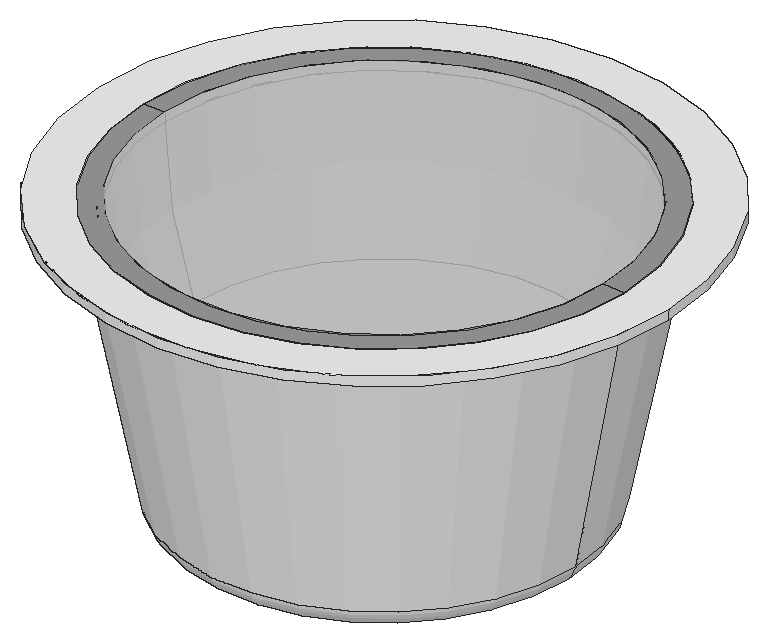
Revit family "2060552 Sylvania Lighting Fixture ASCENT 100 II ARCH 1900 3K DALI 160", category Lighting Fixtures, host Face, Revit 2016
Family settings
  Host = Face
  Part Type = Normal
  Round Connector Dimension = Use Diameter
  OmniClass Number = 23.80.70.11.17
  OmniClass Title = Specialized Lighting by Location or Use
  Cut with Voids When Loaded = No
  Light Source = Yes
  Shared = No
  Room Calculation Point = No
Parameters (values of type "2060552 ASCT100 II ARCH 1900 3K DALI 160")
  WidthBezelAcc_SYL = 25.0 mm
  Weight = "1.2 kg"
  Wattage = 17 W
  WarrantyStartDate [instance] = "n/a"
  WarrantyGuarantorParts = "n/a"
  WarrantyDurationUnit = "n/a"
  WarrantyDurationParts = "n/a"
  WarrantyDescription = "n/a"
  built-in parameter 1150110 = 1 (stored number, unit not read)
  Voltage = 0 V
  VisibilityAccessory_SYL = no
  TypeName = "ASCENT 100 II ARCH 1900 3K DALI 160"
  built-in parameter 1114217 = 1 (stored number, unit not read)
  Tilt Angle = -90°
  built-in parameter 1150109 = 1 (stored number, unit not read)
  built-in parameter 1150134 = (empty or 0)
  built-in parameter 1150113 = 1 (stored number, unit not read)
  SerialNumber [instance] = "n/a"
  ReflectorRadius_SYL = Radius_SYL - 14.5 mm  # 80.0 mm
  RadiusAcc_SYL = 105.0 mm
  Radius_SYL = 94.5 mm
  URL = "http://www.sylvania-lighting.com"
  PowerFactor = 0
  PowerConsumption = "17 W"
  Photometric Web File = "2060552.ies"
  NominalWidth = 0.0 mm
  NominalLength = 0.0 mm
  NominalHeight = 94.0 mm
  Name = "ASCENT 100 II ARCH 1900 3K DALI 160"
  ModelReference = "ASCENT 100 II ARCH 1900 3K DALI 160"
  ModelNumber = "2060552"
  Material_4_SYL = none
  Material_3_SYL = Polycarbonate_Sylvania_Ascent_Opal
  Material_2_SYL = Aluminium_Sylvania_Ascent_Silver
  Material_1_SYL = Aluminum_Sylvania_Ascent_White
  Material = "aluminium housing, arcylic diffuser"
  ManufacturerName = "Feilo Sylvania"
  LuminousEfficacy = "109 lm/W"
  built-in parameter 1150105 = 147.46 (stored number, unit not read)
  Lumens = 1853 lm
  LuminaireType = ""
  built-in parameter 1150115 = 1 (stored number, unit not read)
  LightOutputRatio = "100"
  built-in parameter 1150137 = (empty or 0)
  built-in parameter 1150139 = (empty or 0)
  LampsType = Lamp  # "LED"
  LampNominalLuminous = "1847 lm"
  LampMacAdamStep = "3"
  LampColourTemperature = "3000 K"
  LampColourRenderingIndex = "80"
  built-in parameter 1150112 = 1 (stored number, unit not read)
  built-in parameter 1150114 = 1 (stored number, unit not read)
  Keynote = "16500"
  InstallationDate [instance] = "n/a"
  InputVoltage = "n/a"
  InputNominalFrequency = "n/a"
  built-in parameter 1150132 = (empty or 0)
  built-in parameter 1150102 = (empty or 0)
  built-in parameter 1150107 = 3000 (stored number, unit not read)
  built-in parameter 1150138 = (empty or 0)
  IngressProtection = "IP40"
  ImpactProtectionIndex = "IK02"
  built-in parameter 1150106 = 1.4746 (stored number, unit not read)
  IfcExportType = "IfcLightFixtureType"
  IfcExportAs = "IfcLightFixtureType"
  Height_SYL = 94.0 mm
  HeightAcc_SYL = 7.0 mm
  ExpectedLife = 50000
  EmittionSurface_SYL = if(VisibilityAccessory_SYL, 7.0 mm, 3.0 mm)  # 3.0 mm
  Emit from Circle Diameter = DiffuserRadius_SYL * 2  # 146.0 mm
  Emit Shape Visible in Rendering = no
  ElectricShockClassification = "Class II"
  built-in parameter 1150104 = 10.126 (stored number, unit not read)
  DurationUnit = "hours"
  DocumentationLiterature = "http://www.sylvania-lighting.com/product/en-int/products/2060552"
  DimmingControlOptions = "n/a"
  Dimming Lamp Color Temperature Shift = <None>
  DiffuserRadius_SYL = ReflectorRadius_SYL - 7.0 mm  # 73.0 mm
  Diameter_SYL = 2 * Radius_SYL  # 189.0 mm
  CutoutDiameter_SYL = Diameter_SYL - 13.0 mm  # 176.0 mm
  CreatedOn = "9/17/2018"
  CreatedBy = "@sylvania-lighting.com"
  Color Filter = 16777215
  built-in parameter 1114216 [instance] = 1 (stored number, unit not read)
  Model = "ASCENT 100 II ARCH 1900 3K DALI 160"
  Manufacturer = "Feilo Sylvania"
  Lamp = "LED"
  Description = "Direct LED retro fit for original LED 100 Arch (160) single CFL lamp offering Matching lumen levels and improved light distribution of original LED 100 CFL lamp equivalents Typically half the power consumption compared to CFL Up to 112lm/W 160mm aperture Architectural reflector accepts range of glass accessories from existing LED 100 Arch 160 offering HE, HO and VHO versions equivalent of single 1 x 18W, 1 x 32W, 1 x 42W\r\n Additional VVHO versions which offer the performance circa 2 x 32W equivalent"  # constant formula
  Default Elevation = 0.0 mm
  built-in parameter 1140040 [instance] = 1
  BarCode [instance] = "n/a"
  built-in parameter 1114218 = 1 (stored number, unit not read)
  built-in parameter 1150133 = 10 (stored number, unit not read)
  AssetType = "Fixed"
  AssetIdentifier [instance] = "n/a"
  Assembly Code = "D5020200"
  Apparent Load = 17 VA
  Aperture_SYL = 2 * ReflectorRadius_SYL  # 160.0 mm
Reference planes
  plane 1 "Center (Front/Back)": y = 0
  plane 2: z = 0
  plane 3 "Center (Left/Right)": x = 0
  plane 4 "Fixture Bottom": z = 3
  plane 5: z = -52.5
  plane 6 "Fixture Top": z = -91
  plane 7: x = -105
  plane 8: z = 7
  plane 9: x = -80
  plane 10: z = 5
  plane 11: x = -103
Forms (mm)
  Extrusion 1, solid, material "Aluminum_Sylvania_Ascent_White", detail levels fine
    sketch origin (0, 0, 0) x (1, 0, 0) y (0, 1, 0)
      loop
        circle (0, 0) r 94.5
      loop
        circle (0, 0) r 80
    from 0 to 3
  Extrusion 2, void
    sketch origin (0, 0, 0) x (1, 0, 0) y (0, 1, 0)
      loop
        circle (0, 0) r 88
    from -91 to 3
  Revolve 3, solid, material "Aluminum_Sylvania_Ascent_White" <- "Material_1_SYL", detail levels fine
    sketch origin (0, 0, 0) x (1, 0, 0) y (0, 0, 1)
      loop
        line (0, -91.073) -> (0, -89.023) -> (-55.468, -89.014)
        arc (-55.468, -89.014) -> (-59.352, -87.613) -> (-61.54, -84.139) r 6.307
        line (-61.54, -84.139) -> (-77.991, -2.844) -> (-77.991, 0) -> (-80, 0) -> (-80, -3) -> (-63.5, -84.536)
        arc (-63.5, -84.536) -> (-60.643, -89.203) -> (-55.5, -91.073) r 8.291
        line (-55.5, -91.073) -> (0, -91.073)
      axis (0, 0) -> (0, -91.073)
    angle from 0 to 360
  Revolve 4, solid, material "Aluminium_Sylvania_Ascent_Silver" <- "Material_2_SYL", detail levels fine
    sketch origin (0, 0, 0) x (1, 0, 0) y (0, 0, 1)
      loop
        line (-80, 3) -> (-80, 0) -> (-75, 0)
        arc (-75, 0) -> (-72.349, -26.77) -> (-64.5, -52.5) r 136.5
        line (-64.5, -52.5) -> (-58, -52.5)
        arc (-58, -52.5) -> (-56.857, -61.521) -> (-53.5, -69.971) r 36.166
        line (-53.5, -69.971) -> (0, -69.971) -> (0, -50.5) -> (-63.16, -50.5)
        arc (-63.16, -50.5) -> (-70.517, -25.725) -> (-73, 0) r 134.5
        line (-73, 0) -> (-73, 3) -> (-80, 3)
      axis (0, 3) -> (0, -69.971)
    angle from 0 to 360
  Extrusion 5, solid, material "Polycarbonate_Sylvania_Ascent_Opal" <- "Material_3_SYL", detail levels fine
    sketch origin (0, 0, 0) x (1, 0, 0) y (0, 1, 0)
      loop
        circle (0, 0) r 73
    from 0 to 3
  Revolve 6, solid, material "Aluminum_Sylvania_Ascent_White" <- "Material_1_SYL", detail levels coarse+medium
    sketch origin (0, 0, 0) x (1, 0, 0) y (0, 0, 1)
      loop
        line (0, -91.073) -> (0, 3) -> (-94.5, 3) -> (-94.5, 0) -> (-79.5, 0) -> (-79.5, -3) -> (-63, -84.536)
        arc (-63, -84.536) -> (-60.143, -89.203) -> (-55, -91.073) r 8.291
        line (-55, -91.073) -> (0, -91.073)
      axis (0, 3) -> (0, -91.073)
    angle from 0 to 360
  Revolve 7, solid, material "Aluminum_Sylvania_Ascent_White" <- "Material_1_SYL", visible <- "VisibilityAccessory_SYL"
    sketch origin (0, 0, 0) x (1, 0, 0) y (0, 0, 1)
      loop
        line (-105, 0) -> (-103, 0) -> (-103, 5) -> (-80, 5) -> (-80, 7) -> (-105, 7) -> (-105, 0)
      axis (0, 7) -> (0, 0)
    angle from 0 to 360
  Revolve 8, solid, material "Polycarbonate_Sylvania_Ascent_Opal" <- "Material_3_SYL", visible <- "VisibilityAccessory_SYL"
    sketch origin (0, 0, 0) x (1, 0, 0) y (0, 0, 1)
      loop
        line (-80, 7) -> (-80, 5) -> (0, 5) -> (0, 7) -> (-80, 7)
      axis (0, 7) -> (0, 5)
    angle from 0 to 360
Lines and regions (mm)
  reference lines
    curve 1: line (-150, 0, 3) -> (125, 0, 3)
Dimensions and locks
  locked: plane 4 "Fixture Bottom" to plane 2 at 3
  "Height_SYL": plane 4 "Fixture Bottom" to plane 6 "Fixture Top"
  "ReflectorRadius_SYL": plane 3 "Center (Left/Right)" to Revolve 4 sketch curve
  locked: Revolve 4 sketch curve to Revolve 4 sketch curve at 15.5
  locked: Revolve 4 sketch curve to Revolve 4 sketch curve at 5
  locked: Revolve 4 sketch curve to Revolve 4 sketch curve at 7
  locked: Revolve 4 sketch curve to Revolve 4 sketch curve at 22
  locked: Revolve 4 sketch curve to Revolve 4 sketch curve at 26.5
  locked: Revolve 3 sketch curve to Revolve 3 sketch curve at 16.5
  locked: Revolve 3 sketch curve to Revolve 3 sketch curve at 24.5
  "ReflectorRadius_SYL": Revolve 3 sketch curve to plane 3 "Center (Left/Right)"
  locked: Revolve 3 sketch curve to plane 6 "Fixture Top" at 6.464
  locked: plane 2 to Revolve 3 sketch curve at 3
  locked: Revolve 3 sketch curve to Revolve 3 sketch curve at 2
  locked: Revolve 3 sketch curve to Revolve 3 sketch curve at 2.009
  locked: plane 2 to plane 5 at 52.5
  locked: Revolve 6 sketch curve to Revolve 6 sketch curve at 31.5
  locked: Revolve 6 sketch curve to Revolve 6 sketch curve at 39.5
  locked: Revolve 6 sketch curve to Revolve 6 sketch curve at 15
  "Radius_SYL": plane 3 "Center (Left/Right)" to Revolve 6 sketch curve
  "RadiusAcc_SYL": plane 3 "Center (Left/Right)" to plane 7
  "HeightAcc_SYL": plane 8 to level
  "WidthBezelAcc_SYL": plane 7 to plane 9
  locked: plane 7 to plane 11 at 2
  locked: plane 8 to plane 10 at 2
  "EmittionSurface_SYL": curve 1 to level
  "CutoutDiameter_SYL": diameter of Extrusion 2 sketch curve
  "ReflectorRadius_SYL": radius of Extrusion 1 sketch curve
  "DiffuserRadius_SYL": radius of Extrusion 5 sketch curve
  "Radius_SYL": radius of Extrusion 1 sketch curve
  aligned and locked: host face to plane 2
  aligned and locked: host face to level
  aligned and locked: plane 4 "Fixture Bottom" to Extrusion 1
  aligned and locked: Extrusion 1 to plane 2
  aligned and locked: Revolve 3 sketch curve to plane 3 "Center (Left/Right)"
  aligned and locked: Revolve 4 sketch curve to plane 3 "Center (Left/Right)"  (x2)
  aligned and locked: plane 4 "Fixture Bottom" to Revolve 4 sketch curve
  aligned and locked: Extrusion 5 to plane 2
  aligned and locked: plane 2 to Revolve 3 sketch curve  (x2)
  aligned and locked: Revolve 6 sketch curve to plane 3 "Center (Left/Right)"
  aligned and locked: plane 6 "Fixture Top" to Extrusion 2
  aligned and locked: Revolve 7 sketch curve to plane 3 "Center (Left/Right)"
  aligned and locked: host face to Revolve 7 sketch curve  (x2)
  aligned and locked: Revolve 7 sketch curve to plane 7
  aligned and locked: plane 8 to Revolve 7 sketch curve
  aligned and locked: plane 9 to Revolve 7 sketch curve
  aligned and locked: Revolve 7 sketch curve to plane 10
  aligned and locked: plane 11 to Revolve 7 sketch curve
  aligned and locked: Revolve 7 to Revolve 8 sketch curve
  aligned and locked: Revolve 8 sketch curve to Revolve 7  (x2)
  aligned and locked: Revolve 8 sketch curve to plane 3 "Center (Left/Right)"  (x2)
  aligned and locked: plane 3 "Center (Left/Right)" to imposter light
  aligned and locked: imposter light to plane 1 "Center (Front/Back)"
  aligned and locked: imposter light to curve 1
Automatic sketch dimensions
  plane 1 "Center (Front/Back)" to Extrusion 2 sketch curve = 0.0 mm
  Extrusion 2 sketch curve to plane 3 "Center (Left/Right)" = 0.0 mm
  Extrusion 1 sketch curve to Extrusion 1 sketch curve = 0.0 mm  (x2)
  plane 1 "Center (Front/Back)" to Extrusion 1 sketch curve = 0.0 mm
  Extrusion 1 sketch curve to plane 3 "Center (Left/Right)" = 0.0 mm
  plane 6 "Fixture Top" to Revolve 3 sketch curve = 0.073 mm
  Revolve 3 sketch curve to plane 6 "Fixture Top" = 6.861 mm
  Revolve 3 sketch curve to Revolve 3 sketch curve = 0.003 mm
  Revolve 3 sketch curve to Revolve 3 sketch curve = 0.009 mm  (x2)
  Revolve 3 sketch curve to Revolve 3 sketch curve = 0.023 mm
  Revolve 3 sketch curve to Revolve 3 sketch curve = 0.072 mm
  Revolve 3 sketch curve to Revolve 3 sketch curve = 0.008 mm
  Revolve 3 sketch curve to plane 6 "Fixture Top" = 1.977 mm
  Revolve 3 sketch curve to Revolve 3 sketch curve = 33.496 mm
  Revolve 3 sketch curve to Revolve 3 sketch curve = 0.028 mm
  plane 4 "Fixture Bottom" to Revolve 3 sketch curve = 82.431 mm
  Revolve 4 sketch curve to Revolve 4 sketch curve = 0.0 mm  (x2)
  Revolve 4 sketch curve to plane 5 = 0.0 mm
  Revolve 4 sketch curve to level = 0.0 mm
  plane 5 to Revolve 4 sketch curve = 2.0 mm
  plane 4 "Fixture Bottom" to Revolve 4 sketch curve = 9.642 mm
  plane 1 "Center (Front/Back)" to Extrusion 5 sketch curve = 0.0 mm
  Extrusion 5 sketch curve to plane 3 "Center (Left/Right)" = 0.0 mm
  Revolve 4 sketch curve to level = 69.971 mm
  Revolve 4 sketch curve to Revolve 4 sketch curve = 2.387 mm
  Revolve 6 sketch curve to level = 0.0 mm
  Revolve 6 sketch curve to plane 3 "Center (Left/Right)" = 0.0 mm
  Revolve 6 sketch curve to Revolve 6 sketch curve = 8.104 mm
  Revolve 6 sketch curve to level = 3.0 mm
  Revolve 6 sketch curve to plane 6 "Fixture Top" = 6.464 mm
  plane 6 "Fixture Top" to Revolve 6 sketch curve = 0.073 mm
  Revolve 6 sketch curve to Revolve 6 sketch curve = 33.496 mm
  plane 4 "Fixture Bottom" to Revolve 6 sketch curve = 82.431 mm
  host sketch curve to host sketch curve = 1704.996 mm
  host sketch curve to host sketch curve = 1500.0 mm
  plane 6 "Fixture Top" to Revolve 7 sketch curve = 281.274 mm
  Revolve 7 sketch curve to plane 8 = 1140.706 mm
  plane 6 "Fixture Top" to Revolve 8 sketch curve = 281.274 mm
  Revolve 8 sketch curve to Revolve 8 sketch curve = 1140.706 mm
  Revolve 3 sketch curve to plane 3 "Center (Left/Right)" = 0.0 mm
  Revolve 6 sketch curve to plane 4 "Fixture Bottom" = 0.0 mm
  plane 7 to curve 1 = 45.0 mm
  plane 3 "Center (Left/Right)" to curve 1 = 125.0 mm
Connectors
  electrical at (0, 0, -91.073), driven by "Apparent Load"
    settings: on Revolve 3, index 1, voltage 240 V, apparent load 0 VA, apparent load phase1 17 VA, apparent load phase2 0 VA, apparent load phase3 0 VA, power factor 1, load classification "Lighting", number of poles 1, system type 31, power factor state 1, is connector primary yes, connector utility no, sub classification motor no, connector description ""
